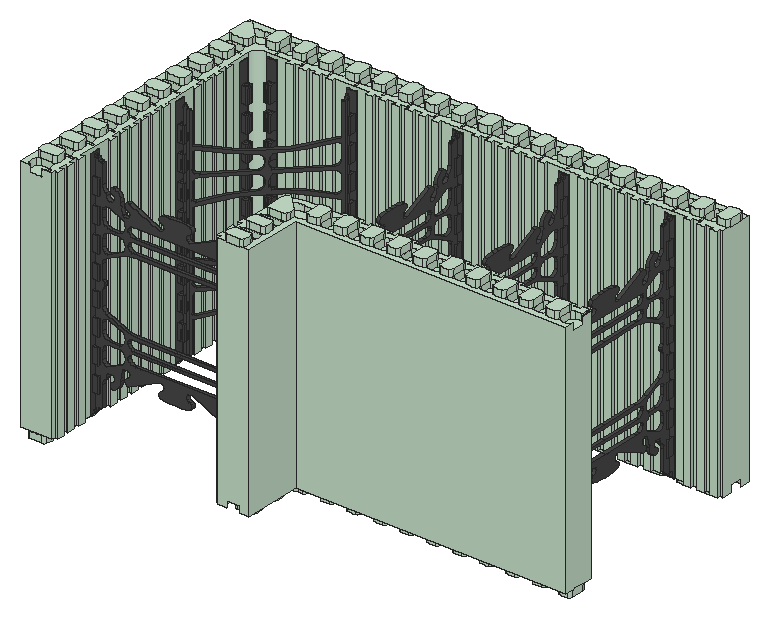
Revit family (continued)
Definition of nested family "NUDURA Logo Diamond"
  Lines and regions (in)
    model lines
      curve 113: line (12.17421, 0, 4.28388) -> (12.52777, 0, 3.93033)
      curve 114: line (11.46711, 0, 3.93033) -> (11.82066, 0, 4.28388)
      curve 115: arc (11.3964, 0, 3.50607) -> (11.29388, 0, 3.75355) -> (11.3964, 0, 4.00104) r 0.35
      curve 116: arc (11.46711, 0, 3.57678) -> (11.39388, 0, 3.75355) -> (11.46711, 0, 3.93033) r 0.25
      curve 117: arc (12.52777, 0, 3.57678) -> (12.60099, 0, 3.75355) -> (12.52777, 0, 3.93033) r 0.25
      curve 118: arc (12.17421, 0, 4.28388) -> (11.99744, 0, 4.35711) -> (11.82066, 0, 4.28388) r 0.25
      curve 119: arc (11.82066, 0, 3.22322) -> (11.99744, 0, 3.15) -> (12.17421, 0, 3.22322) r 0.25
      curve 120: arc (12.59848, 0, 3.50607) -> (12.70099, 0, 3.75355) -> (12.59848, 0, 4.00104) r 0.35
      curve 121: line (11.63374, 0, 3.26872) -> (11.3964, 0, 3.50607)
      curve 122: arc (11.63374, 0, 4.23839) -> (11.74358, 0, 4.50355) -> (11.63374, 0, 4.76872) r 0.375
      curve 123: arc (12.36113, 0, 4.23839) -> (12.2513, 0, 4.50355) -> (12.36113, 0, 4.76872) r 0.375
      curve 124: line (12.78279, 0, 5.19038) -> (12.36113, 0, 4.76872)
      curve 125: line (11.21208, 0, 5.19038) -> (11.28279, 0, 5.26109)
      curve 126: arc (11.82066, 0, 4.72322) -> (11.99744, 0, 4.65) -> (12.17421, 0, 4.72322) r 0.25
      curve 127: line (12.37244, 0, 12.50355) -> (11.62244, 0, 12.50355)
      curve 128: line (12.74744, 0, 5.87855) -> (12.74744, 0, 12.12855)
      curve 129: line (11.24744, 0, 12.12855) -> (11.24744, 0, 5.87855)
      curve 130: line (11.62244, 0, 5.50355) -> (12.37244, 0, 5.50355)
      curve 131: line (12.47232, 0, 12.00355) -> (12.0393, 0, 12.25355)
      curve 132: line (12.47232, 0, 11.50355) -> (12.47232, 0, 12.00355)
      curve 133: line (12.25581, 0, 11.37855) -> (12.47232, 0, 11.50355)
      curve 134: line (12.02256, 0, 11.51322) -> (12.25581, 0, 11.37855)
      curve 135: line (12.22232, 0, 11.62855) -> (12.02256, 0, 11.51322)
      curve 136: line (11.80605, 0, 12.11888) -> (12.22232, 0, 11.87855)
      curve 137: line (12.22232, 0, 11.87855) -> (12.22232, 0, 11.62855)
      curve 138: line (12.0393, 0, 12.25355) -> (11.80605, 0, 12.11888)
      curve 139: line (11.77256, 0, 11.63822) -> (11.97232, 0, 11.75355)
      curve 140: line (11.97232, 0, 11.75355) -> (11.73906, 0, 11.88822)
      curve 141: line (11.73906, 0, 11.88822) -> (11.52256, 0, 11.76322)
      curve 142: line (11.52256, 0, 11.76322) -> (11.52256, 0, 11.26322)
      curve 143: line (11.77256, 0, 11.38822) -> (11.77256, 0, 11.63822)
      curve 144: line (12.18882, 0, 11.14789) -> (11.77256, 0, 11.38822)
      curve 145: line (11.95557, 0, 11.01322) -> (12.18882, 0, 11.14789)
      curve 146: line (11.52256, 0, 11.26322) -> (11.95557, 0, 11.01322)
      curve 147: line (12.31108, 0, 10.60411) -> (11.68379, 0, 10.74458)
      curve 148: line (11.68379, 0, 10.74458) -> (11.68379, 0, 10.51321)
      curve 149: line (11.68379, 0, 10.51321) -> (12.1295, 0, 10.41405)
      curve 150: line (12.1295, 0, 10.41405) -> (11.68379, 0, 10.27358)
      curve 151: line (11.68379, 0, 10.27358) -> (11.68379, 0, 9.8852)
      curve 152: line (11.68379, 0, 9.8852) -> (12.17077, 0, 9.77615)
      curve 153: line (12.17077, 0, 9.77615) -> (12.17077, 0, 9.74472)
      curve 154: line (12.17077, 0, 9.74472) -> (11.86146, 0, 9.80279)
      curve 155: line (11.68379, 0, 9.65536) -> (11.68379, 0, 9.35864)
      curve 156: line (12.07077, 0, 8.74385) -> (12.07077, 0, 8.99996)
      curve 157: line (12.07077, 0, 8.99996) -> (11.68379, 0, 9.08605)
      curve 158: line (11.68379, 0, 9.08605) -> (11.68379, 0, 8.47809)
      curve 159: line (11.91823, 0, 9.06589) -> (12.31108, 0, 8.97792)
      curve 160: line (11.82444, 0, 8.55476) -> (11.82444, 0, 8.79865)
      curve 161: line (11.82444, 0, 8.79865) -> (12.07077, 0, 8.74385)
      curve 162: line (11.68379, 0, 8.07193) -> (11.68379, 0, 7.77522)
      curve 163: line (11.91823, 0, 7.48247) -> (12.21108, 0, 7.41688)
      curve 164: line (12.21108, 0, 7.41688) -> (12.21108, 0, 6.95405)
      curve 165: line (12.16108, 0, 6.90405) -> (12.12077, 0, 6.90405)
      curve 166: line (12.07077, 0, 6.95405) -> (12.07077, 0, 7.08675)
      curve 167: line (12.07077, 0, 7.08675) -> (12.12077, 0, 7.07556)
      curve 168: line (12.12077, 0, 7.07556) -> (12.12077, 0, 7.33463)
      curve 169: line (12.12077, 0, 7.33463) -> (11.68379, 0, 7.43249)
      curve 170: line (11.68379, 0, 7.43249) -> (11.68379, 0, 7.17341)
      curve 171: line (11.68379, 0, 7.17341) -> (11.97077, 0, 7.10915)
      curve 172: line (11.97077, 0, 7.10915) -> (11.97077, 0, 6.99425)
      curve 173: line (11.92077, 0, 6.94425) -> (11.68379, 0, 6.94425)
      curve 174: line (11.68379, 0, 6.94425) -> (11.68379, 0, 6.45682)
      curve 175: line (11.68379, 0, 6.45682) -> (11.78284, 0, 6.38658)
      curve 176: line (11.78284, 0, 6.38658) -> (11.78284, 0, 6.05178)
      curve 177: line (12.12371, 0, 6.14486) -> (11.88284, 0, 6.31567)
      curve 178: line (11.88284, 0, 6.31567) -> (11.88284, 0, 6.07909)
      curve 179: line (11.88284, 0, 6.07909) -> (12.12371, 0, 6.14486)
      curve 180: line (11.78284, 0, 6.05178) -> (11.68379, 0, 6.02474)
      curve 181: line (11.68379, 0, 6.02474) -> (11.68379, 0, 5.75355)
      curve 182: line (11.68379, 0, 5.75355) -> (12.31108, 0, 5.92483)
      curve 183: line (12.31108, 0, 5.92483) -> (12.31108, 0, 6.28791)
      curve 184: line (12.31108, 0, 6.28791) -> (11.76249, 0, 6.67694)
      curve 185: line (11.76249, 0, 6.67694) -> (11.90321, 0, 6.67694)
      curve 186: line (12.31108, 0, 6.78674) -> (12.31108, 0, 7.63562)
      curve 187: line (12.31108, 0, 7.63562) -> (11.90258, 0, 7.7271)
      curve 188: line (11.82444, 0, 7.82469) -> (11.82444, 0, 7.92839)
      curve 189: line (11.88536, 0, 7.97718) -> (12.31108, 0, 7.88185)
      curve 190: line (12.31108, 0, 7.88185) -> (12.31108, 0, 8.13496)
      curve 191: line (12.31108, 0, 8.13496) -> (12.08042, 0, 8.17826)
      curve 192: line (12.31108, 0, 8.38353) -> (12.31108, 0, 8.9465)
      curve 193: line (12.31108, 0, 8.9465) -> (12.17077, 0, 8.97771)
      curve 194: line (12.17077, 0, 8.97771) -> (12.17077, 0, 8.55476)
      curve 195: line (12.31108, 0, 8.97792) -> (12.31108, 0, 9.21905)
      curve 196: line (12.31108, 0, 9.21905) -> (11.90258, 0, 9.31053)
      curve 197: line (11.82444, 0, 9.40811) -> (11.82444, 0, 9.51182)
      curve 198: line (11.87938, 0, 9.56195) -> (12.31108, 0, 9.46528)
      curve 199: line (12.31108, 0, 9.46528) -> (12.31108, 0, 9.98469)
      curve 200: line (12.31108, 0, 9.98469) -> (11.90664, 0, 10.07526)
      curve 201: line (11.90664, 0, 10.07526) -> (12.31108, 0, 10.20747)
      curve 202: line (12.31108, 0, 10.20747) -> (12.31108, 0, 10.60411)
      curve 203: arc (11.68379, 0, 9.65536) -> (11.73801, 0, 9.7708) -> (11.86146, 0, 9.80279) r 0.15
      curve 204: arc (11.68379, 0, 9.35864) -> (11.74962, 0, 9.17112) -> (11.91823, 0, 9.06589) r 0.3
      curve 205: arc (11.84417, 0, 8.22149) -> (11.72718, 0, 8.32679) -> (11.68379, 0, 8.47809) r 0.28547
      curve 206: arc (11.68379, 0, 8.07193) -> (11.73147, 0, 8.18158) -> (11.84417, 0, 8.22149) r 0.14992
      curve 207: arc (11.68379, 0, 7.77522) -> (11.74962, 0, 7.58769) -> (11.91823, 0, 7.48247) r 0.3
      curve 208: arc (11.82444, 0, 7.82469) -> (11.84638, 0, 7.76218) -> (11.90258, 0, 7.7271) r 0.1
      curve 209: arc (11.82444, 0, 7.92839) -> (11.84318, 0, 7.96742) -> (11.88536, 0, 7.97718) r 0.05
      curve 210: arc (12.12077, 0, 6.90405) -> (12.08541, 0, 6.91869) -> (12.07077, 0, 6.95405) r 0.05
      curve 211: arc (12.16108, 0, 6.90405) -> (12.19644, 0, 6.91869) -> (12.21108, 0, 6.95405) r 0.05
      curve 212: arc (11.97077, 0, 6.99425) -> (11.95612, 0, 6.95889) -> (11.92077, 0, 6.94425) r 0.05
      curve 213: arc (11.90321, 0, 6.67694) -> (11.96756, 0, 6.70069) -> (12.00104, 0, 6.76055) r 0.09904
      curve 214: arc (12.00104, 0, 6.76055) -> (12.1681, 0, 6.63117) -> (12.31108, 0, 6.78674) r 0.15613
      curve 215: arc (12.08042, 0, 8.17826) -> (12.24181, 0, 8.22914) -> (12.31108, 0, 8.38353) r 0.20667
      curve 216: arc (11.82444, 0, 8.55476) -> (11.9976, 0, 8.3816) -> (12.17077, 0, 8.55476) r 0.17317
      curve 217: arc (11.82444, 0, 9.40811) -> (11.84638, 0, 9.34561) -> (11.90258, 0, 9.31053) r 0.1
      curve 218: arc (11.82444, 0, 9.51182) -> (11.8459, 0, 9.55306) -> (11.892, 0, 9.55913) r 0.05034
      curve 219: arc (11.24744, 0, 12.12855) -> (11.35727, 0, 12.39372) -> (11.62244, 0, 12.50355) r 0.375
      curve 220: arc (12.37244, 0, 12.50355) -> (12.6376, 0, 12.39372) -> (12.74744, 0, 12.12855) r 0.375
      curve 221: arc (11.24744, 0, 5.87855) -> (11.35727, 0, 5.61339) -> (11.62244, 0, 5.50355) r 0.375
      curve 222: arc (12.37244, 0, 5.50355) -> (12.6376, 0, 5.61339) -> (12.74744, 0, 5.87855) r 0.375
      curve 223: line (9.99744, 0, 18) -> (9.99744, 0, 0)
      curve 224: line (13.99744, 0, 18) -> (13.99744, 0, 0)
      curve 225: line (15.99744, 0, 18) -> (15.99744, 0, 0)
